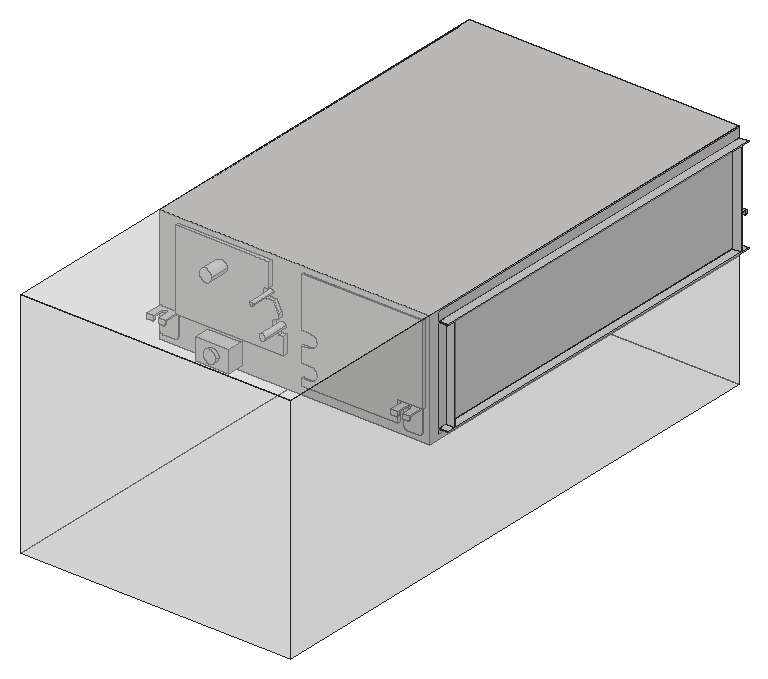
Revit family "outputfile", category 機械設備, Revit 2024
Family settings
  丸型コネクタ寸法 = 半径を使用
  パーツ タイプ = 標準
  OmniClass 番号 = 23.75.10.24.21.27.27
  OmniClass タイトル = Split System Air Conditioning Units
  作業面ベース = いいえ
  常に垂直 = はい
  ロード時にボイドで切り取り = いいえ
  注釈の向きを維持 = いいえ
  共有 = いいえ
  部屋計算ポイント = はい
Parameters (values of type "FXMQ63PBV1")
  製造元 = "Daikin"
  書き出し IFC クラス(タイプ) = "IfcUnitaryEquipmentType"
  定義済み IFC タイプ(タイプ) = "AIRCONDITIONINGUNIT"
  モデル = "FXMQ63PBV1"
  r_Liquid Pipe Size = Liquid Pipe Size / 2  # 4.75 mm
  r_Gas Pipe Size = Gas Pipe Size / 2  # 7.95 mm
  r_Drain Pipe Size = Drain Pipe Size / 2  # 16.0 mm
  lw_power = 396.0 mm  # constant formula
  lh_SA = 165.0 mm  # constant formula
  lw_SA = if(Depth = 550.0 mm, 210.0 mm, if(Depth = 700.0 mm, 285.0 mm, if(Depth = 1000.0 mm, 435.0 mm, 635.0 mm)))  # 435.0 mm
  lw_RA = if(Depth = 550.0 mm, 288.0 mm, if(Depth = 700.0 mm, 363.0 mm, if(Depth = 1000.0 mm, 513.0 mm, 713.0 mm)))  # 513.0 mm
  lh_power = 60.0 mm + [h***]  # 60.0 mm
  lh_mountinghole1 = lh_mountinghole + [h***]  # 80.0 mm
  lh_RA = 150.0 mm  # constant formula
  ld_power = Depth / 2  # 500.0 mm
  Voltage_comment_60Hz = "220-240"
  Voltage_comment_50Hz = "220-240"
  Voltage_60Hz = 220 V
  Voltage_50Hz = 220 V
  Supply Air Direction [instance] = yes
  Phase_60Hz = 1
  Phase_50Hz = 1
  Minimum External Static Pressure = 50.00 Pa
  Minimum Circuit Amps_60Hz = 1.8 A
  Minimum Circuit Amps_50Hz = 1.8 A
  Maximum Fuse Amps_60Hz = 16.0 A
  Maximum Fuse Amps_50Hz = 16.0 A
  Maximum External Static Pressure = 200.00 Pa
  Material_Casing = DAIKIN_GalvanizedSteel_Casing_indoorunit
  lw_mountinghole = 631.0 mm  # constant formula
  lh_gaspipe = 144.0 mm + [h***]  # 144.0 mm
  lh_mountinghole = 80.0 mm  # constant formula
  lh_liquidpipe = 212.0 mm + [h***]  # 212.0 mm
  lh_drainpipe = 232.0 mm + [h***]  # 232.0 mm
  lh_antena = Height - lh_mountinghole + 1.0 mm  # 221.0 mm
  ld_drainpipe = Depth / 2 + 59.0 mm  # 559.0 mm
  ld_liquidpipe = 565.0 mm
  ld_gaspipe = 565.0 mm
  ld_mountinghole = Depth + 38.0 mm  # 1038.0 mm
  h*** = 0.0 mm  # constant formula
  lw_liquidpipe = 290.0 mm  # constant formula
  lw_gaspipe = 318.0 mm  # constant formula
  lw_drainpipe = 167.0 mm  # constant formula
  Width = 700.0 mm
  Version = "ver.1.0"
  Unit Type = "Duct_M.S.P."
  Unit Mass Weight = 35.00 kg
  Unit Designation [instance] = ""
  Uniclass2015Version = "Products v1.30"
  Uniclass2015Title = "Variable refrigerant flow units"
  Uniclass2015Code = "Pr_70_65_03_94"
  Total Heating Capacity [instance] = 0.000 kW
  Total Cooling Capacity [instance] = 0.000 kW
  Sound Pressure Level_L speed (dBA) = 38
  Sound Pressure Level_H speed (dBA) = 40
  Series = "VRV Fan Coil Unit"
  Sensible Cooling Capacity [instance] = 0.000 kW
  SA Duct Size Width = if(Depth = 550.0 mm, 310.0 mm, if(Depth = 700.0 mm, 460.0 mm, if(Depth = 1000.0 mm, 760.0 mm, 1160.0 mm)))  # 760.0 mm
  SA Duct Size Height = 215.0 mm
  Refrigerant Type = "R410A"
  RA Duct Size Width = if(Depth = 550.0 mm, 475.0 mm, if(Depth = 700.0 mm, 625.0 mm, if(Depth = 1000.0 mm, 925.0 mm, 1325.0 mm)))  # 925.0 mm
  RA Duct Size Height = 247.0 mm
  Power Input (Heating) = 0.127 kW
  Power Input (Cooling) = 0.138 kW
  Option Accessory 3 [instance] = ""
  Option Accessory 2 [instance] = ""
  Option Accessory 1 [instance] = ""
  Nominal Heating Capacity = 8.000 kW
  Nominal Cooling Capacity = 7.100 kW
  Minimum Airflow = 960.00 m³/h
  Median Airflow = 0.00 m³/h
  Maximum Airflow = 1050.00 m³/h
  Load Classification = HVAC
  Liquid Pipe Size = 9.5 mm
  Link_Nested Family [instance] = ""
  IfcVersion = ""
  IfcExportType = "AIRCONDITIONINGUNIT"
  IfcExportAs = "IfcUnitaryEquipmentType"
  Height = 300.0 mm
  Heating Entering Wet Bulb Temperature [instance] = 0.00 °C
  Heating Entering Dry Bulb Temperature [instance] = 0.00 °C
  Heating Ambient Wet Bulb Temperature [instance] = 0.00 °C
  Heating Ambient Dry Bulb Temperature [instance] = 0.00 °C
  Heat Exchanger Type = "Cross Fin Coil"
  Gas Pipe Size = 15.9 mm
  Frequency_60Hz = 60 Hz
  Frequency_50Hz = 50 Hz
  Fan Type = "Sirocco Fan"
  Fan Drive = "Direct Drive"
  FCU Tag No. [instance] = ""
  Drain Pipe Size = 32.0 mm
  Design Supply Airflow [instance] = 0.00 m³/h
  Design Return Airflow [instance] = 0.00 m³/h
  Design External Static Pressure [instance] = 0.00 Pa
  Depth = 1000.0 mm
  既定の高さ = 0.0 mm
  Cooling Entering Wet Bulb Temperature [instance] = 0.00 °C
  Cooling Entering Dry Bulb Temperature [instance] = 0.00 °C
  Cooling Ambient Wet Bulb Temperature [instance] = 0.00 °C
  Cooling Ambient Dry Bulb Temperature [instance] = 0.00 °C
  Clearance visibility [instance] = yes
  Clearance Top = 0.0 mm
  Clearance Right = 0.0 mm
  Clearance Rear = 0.0 mm
  Clearance Left = 0.0 mm
  Clearance Front = 450.0 mm
  Clearance Bottom = 300.0 mm
Reference planes
  plane 1 "Center (Front/Back)": y = 0
  plane 2 "h": z = 0
  plane 3 "Center (Left/Right)": x = 0
  plane 4 "Back": y = 500
  plane 5 "Front": y = -500
  plane 6 "Left": x = -350
  plane 7 "Reight": x = 350
  plane 8 "Top": z = 0
  plane 9 "Bottom": z = -300
  plane 10: y = -215
  plane 11: y = 500
  plane 12: y = -950
  plane 13: x = -350
  plane 14: x = 350
  plane 15: z = 0
  plane 16: z = -600
  plane 17: x = -350
  plane 18: z = -135
  plane 19: x = -349
  plane 20: x = 349
  plane 21: y = 65
  plane 22: y = 13
  plane 23: z = -150
  plane 24: y = -510.8
  plane 25: z = -14
  plane 26: z = -219
  plane 27: x = -60
  plane 28: x = -20
  plane 29: z = -156
  plane 30: x = -32
  plane 31: z = -88
  plane 32: x = 23
  plane 33: x = 335
  plane 34: z = -15.8
  plane 35: z = -274.8
  plane 36: z = -219.8
  plane 37: x = 271
  plane 38: x = -223.3
  plane 39: x = -138.3
  plane 40: z = -232.7
  plane 41: z = -288.5
  plane 42: y = -541
  plane 43: x = -181
  plane 44: z = -260
  plane 45: y = -549
  plane 46: z = -163.8
  plane 47: z = -239.8
  plane 48: x = 46
  plane 49: z = -88
  plane 50: x = -60
  plane 51: y = -565
  plane 52: z = -156
  plane 53: x = -32
  plane 54: y = -559
  plane 55: z = -68
  plane 56: x = -183
  plane 57: x = -183
  plane 58: x = -60
  plane 59: x = -32
  plane 60: x = 46
  plane 61: x = -323
  plane 62: x = 308
  plane 63: y = -519
  plane 64: y = 519
  plane 65: z = -220
  plane 66: y = -506
  plane 67: x = -298.5
  plane 68: x = -374
  plane 69: x = 374
Forms (mm)
  Extrusion 1, solid, material "DAIKIN_GalvanizedSteel_Casing_indoorunit" <- "Material_Casing"
    sketch origin (0, 0, 0) x (1, 0, 0) y (0, 1, 0)
      loop
        line (-349, 500) -> (-349, -500) -> (349, -500) -> (349, 500) -> (-349, 500)
    from -300 to 0
  Extrusion 2, solid, material "DAIKIN_GalvanizedSteel_Casing_indoorunit" <- "Material_Casing"
    sketch origin (0, 0, 0) x (1, 0, 0) y (0, 0, 1)
      loop
        line (-298.5, -219) -> (-20, -219) -> (-20, -173.5) -> (-32, -173.5)
        arc (-32, -173.5) -> (-49.471, -157.002) -> (-34, -138.615) r 17.5
        line (-34, -138.615) -> (-34, -127.5) -> (-47, -101) -> (-60, -101)
        arc (-60, -101) -> (-73, -88) -> (-60, -75) r 13
        line (-60, -75) -> (-60, -14) -> (-298.5, -14) -> (-298.5, -219)
    from 500 to 510.8
  Extrusion 3, solid, material "DAIKIN_GalvanizedSteel_Casing_indoorunit" <- "Material_Casing"
    sketch origin (0, 0, 0) x (1, 0, 0) y (0, 0, 1)
      loop
        line (23, -274.8) -> (271, -274.8) -> (271, -219.8) -> (335, -219.8) -> (335, -15.8) -> (23, -15.8) -> (23, -146.3) -> (46, -146.3)
        arc (46, -146.3) -> (63.5, -163.8) -> (46, -181.3) r 17.5
        line (46, -181.3) -> (23, -181.3) -> (23, -222.3) -> (46, -222.3)
        arc (46, -222.3) -> (63.5, -239.8) -> (46, -257.3) r 17.5
        line (46, -257.3) -> (23, -257.3) -> (23, -274.8)
    from 500 to 506
  Extrusion 4, solid, material "DAIKIN_GalvanizedSteel_Casing_indoorunit" <- "Material_Casing"
    sketch origin (0, 0, 0) x (1, 0, 0) y (0, 0, 1)
      loop
        line (-223.3, -232.7) -> (-223.3, -288.5) -> (-138.3, -288.5) -> (-138.3, -232.7) -> (-223.3, -232.7)
    from 500 to 541
  Extrusion 5, solid, material "DAIKIN_GalvanizedSteel_Casing_indoorunit" <- "Material_Casing"
    sketch origin (0, 0, 0) x (1, 0, 0) y (0, 0, 1)
      loop
        circle (-181, -260) r 16.5
    from 541 to 549
  Extrusion 6, solid
    sketch origin (0, 0, 0) x (1, 0, 0) y (0, 0, 1)
      loop
        circle (-60, -88) r 4.75
    from 500 to 565
  Extrusion 7, solid
    sketch origin (0, 0, 0) x (1, 0, 0) y (0, 0, 1)
      loop
        circle (-32, -156) r 7.95
    from 500 to 565
  Extrusion 8, solid
    sketch origin (0, 0, 0) x (1, 0, 0) y (0, 0, 1)
      loop
        circle (-183, -68) r 16
    from 510.8 to 559
Dimensions and locks
  "Height": plane 8 "Top" to plane 9 "Bottom"
  equal spacing: plane 4 "Back", plane 1 "Center (Front/Back)", plane 5 "Front"
  "Depth": plane 4 "Back" to plane 5 "Front"
  equal spacing: plane 6 "Left", plane 3 "Center (Left/Right)", plane 7 "Reight"
  "Width": plane 6 "Left" to plane 7 "Reight"
  "Clearance Left": plane 13 to plane 6 "Left"
  "Clearance Right": plane 7 "Reight" to plane 14
  "Clearance Rear": plane 11 to plane 4 "Back"
  "Clearance Front": plane 5 "Front" to plane 12
  "Clearance Top": plane 15 to plane 8 "Top"
  "Clearance Bottom": plane 9 "Bottom" to plane 16
  "lh_SA": plane 18 to plane 9 "Bottom"
  locked: plane 17 to plane 19 at 1
  "lw_SA": plane 4 "Back" to plane 21
  "lw_RA": plane 22 to plane 5 "Front"
  "lh_RA": plane 23 to plane 9 "Bottom"
  locked: plane 5 "Front" to plane 24 at 10.8
  plane 30 to plane 27 to plane 6 "Left" = 28.0 mm locked, 290.0 mm locked
  plane 33 to plane 32 to plane 6 "Left" = 312.0 mm locked, 373.0 mm locked
  locked: plane 33 to plane 37 at 64
  locked: plane 36 to plane 35 at 55
  plane 39 to plane 38 to plane 6 "Left" = 85.0 mm locked, 126.7 mm locked
  locked: plane 5 "Front" to plane 42 at 41
  locked: plane 43 to plane 6 "Left" at 169
  locked: plane 42 to plane 45 at 8
  plane 46 to plane 47 to plane 35 = 76.0 mm locked, 35.0 mm locked
  locked: plane 48 to plane 32 at 23
  "lw_liquidpipe": plane 50 to plane 6 "Left"
  "lh_liquidpipe": plane 49 to plane 9 "Bottom"
  "lh_gaspipe": plane 52 to plane 9 "Bottom"
  "lw_gaspipe": plane 53 to plane 6 "Left"
  "ld_gaspipe": plane 51 to plane 1 "Center (Front/Back)"
  "ld_drainpipe": plane 54 to plane 1 "Center (Front/Back)"
  "lh_drainpipe": plane 55 to plane 9 "Bottom"
  "lw_drainpipe": plane 56 to plane 6 "Left"
  "lw_drainpipe": plane 6 "Left" to plane 57
  "lw_liquidpipe": plane 6 "Left" to plane 58
  "lw_gaspipe": plane 6 "Left" to plane 59
  "lw_power": plane 6 "Left" to plane 60
  plane 17 to plane 61 = 27.0 mm
  "lw_mountinghole": plane 61 to plane 62
  equal spacing: plane 63, plane 1 "Center (Front/Back)", plane 64
  "ld_mountinghole": plane 64 to plane 63
  "lh_mountinghole": plane 65 to plane 9 "Bottom"
  plane 8 "Top" to plane 40 to plane 41 = 232.7 mm locked, 55.8 mm locked
  locked: plane 8 "Top" to plane 44 at 260
  plane 8 "Top" to plane 25 to plane 26 = 14.0 mm locked, 205.0 mm locked
  plane 8 "Top" to plane 31 to plane 29 = 88.0 mm locked, 68.0 mm locked
  plane 8 "Top" to plane 34 to plane 35 = 15.8 mm locked, 259.0 mm locked
  locked: plane 5 "Front" to plane 66 at 6
  locked: plane 68 to plane 6 "Left" at 24
  locked: plane 7 "Reight" to plane 69 at 24
  locked: plane 67 to plane 13 at 51.5
  locked: plane 28 to plane 30 at 12
  locked: Extrusion 2 sketch curve to plane 27 at 26
  plane 5 "Front" to plane 51 = 65.0 mm
  plane 5 "Front" to plane 54 = 59.0 mm
  locked: plane 20 to plane 7 "Reight" at 1
  "r_Liquid Pipe Size": radius of Extrusion 6 sketch curve
  "r_Gas Pipe Size": radius of Extrusion 7 sketch curve
  "r_Drain Pipe Size": radius of Extrusion 8 sketch curve
  aligned and locked: level to plane 2 "h"
  aligned and locked: plane 8 "Top" to Extrusion 1
  aligned and locked: Extrusion 1 to plane 9 "Bottom"
  aligned and locked: nested 5 to plane 12
  aligned and locked: plane 13 to nested 5
  aligned and locked: plane 14 to nested 5
  aligned and locked: nested 5 to plane 13
  aligned and locked: plane 11 to nested 5
  aligned and locked: plane 15 to nested 5
  aligned and locked: plane 16 to nested 5
  aligned and locked: plane 5 "Front" to Extrusion 1 sketch curve
  aligned and locked: Extrusion 1 to plane 19
  aligned and locked: plane 20 to Extrusion 1
  aligned and locked: nested 7 to plane 19
  aligned and locked: nested 7 to plane 21
  aligned and locked: plane 18 to nested 7
  aligned and locked: plane 20 to nested 8
  aligned and locked: plane 22 to nested 8
  aligned and locked: plane 23 to nested 8
  aligned and locked: Extrusion 2 to plane 24
  aligned and locked: plane 5 "Front" to Extrusion 2
  aligned and locked: plane 35 to Extrusion 3 sketch curve
  aligned and locked: plane 37 to Extrusion 3 sketch curve
  aligned and locked: plane 36 to Extrusion 3 sketch curve
  aligned and locked: Extrusion 3 sketch curve to plane 33
  aligned and locked: Extrusion 3 sketch curve to plane 34
  aligned and locked: Extrusion 3 sketch curve to plane 32
  aligned and locked: plane 5 "Front" to Extrusion 3
  aligned and locked: Extrusion 4 sketch curve to plane 40
  aligned and locked: Extrusion 4 sketch curve to plane 38
  aligned and locked: plane 41 to Extrusion 4 sketch curve
  aligned and locked: plane 39 to Extrusion 4 sketch curve
  aligned and locked: Extrusion 4 to plane 42
  aligned and locked: plane 5 "Front" to Extrusion 4
  aligned and locked: Extrusion 5 sketch curve to plane 43
  aligned and locked: plane 44 to Extrusion 5 sketch curve
  aligned and locked: Extrusion 5 to plane 45
  aligned and locked: plane 42 to Extrusion 5
  aligned and locked: Extrusion 6 sketch curve to plane 50
  aligned and locked: plane 49 to Extrusion 6 sketch curve
  aligned and locked: Extrusion 6 to plane 51
  aligned and locked: plane 5 "Front" to Extrusion 6
  aligned and locked: Extrusion 7 sketch curve to plane 53
  aligned and locked: plane 52 to Extrusion 7 sketch curve
  aligned and locked: Extrusion 7 to Extrusion 6
  aligned and locked: plane 5 "Front" to Extrusion 7
  aligned and locked: Extrusion 8 sketch curve to plane 56
  aligned and locked: Extrusion 8 sketch curve to plane 55
  aligned and locked: Extrusion 8 to plane 54
  aligned and locked: plane 24 to Extrusion 8
  aligned and locked: nested 3 to plane 54
  aligned and locked: plane 57 to nested 3
  aligned and locked: plane 58 to nested 2
  aligned and locked: nested 2 to plane 51
  aligned and locked: nested 1 to plane 59
  aligned and locked: Extrusion 7 to plane 51
  aligned and locked: nested 1 to plane 51
  aligned and locked: nested 6 to plane 5 "Front"
  aligned and locked: nested 6 to plane 60
  aligned and locked: plane 61 to nested 10
  aligned and locked: nested 10 to plane 5 "Front"
  aligned and locked: plane 62 to nested 9
  aligned and locked: nested 9 to plane 5 "Front"
  aligned and locked: nested 11 to plane 61
  aligned and locked: plane 4 "Back" to nested 11
  aligned and locked: nested 12 to plane 62
  aligned and locked: plane 4 "Back" to nested 12
  aligned and locked: plane 65 to nested 10
  aligned and locked: plane 65 to nested 11
  aligned and locked: plane 65 to nested 9
  aligned and locked: plane 65 to nested 12
  aligned and locked: plane 61 to nested 14
  aligned and locked: nested 14 to plane 64
  aligned and locked: plane 62 to nested 13
  aligned and locked: nested 13 to plane 64
  aligned and locked: plane 62 to nested 16
  aligned and locked: plane 63 to nested 16
  aligned and locked: plane 63 to nested 15
  aligned and locked: plane 61 to nested 15
  aligned and locked: Extrusion 3 to plane 66
  aligned and locked: plane 67 to Extrusion 2 sketch curve
  aligned and locked: nested 17 to plane 21
  aligned and locked: nested 17 to plane 68
  aligned and locked: plane 18 to nested 17
  aligned and locked: plane 22 to nested 18
  aligned and locked: plane 69 to nested 18
  aligned and locked: nested 18 to plane 23
  aligned and locked: nested 4 to plane 3 "Center (Left/Right)"
  aligned and locked: plane 1 "Center (Front/Back)" to nested 4
  aligned and locked: level to plane 8 "Top"
  aligned and locked: Extrusion 2 sketch curve to plane 28
  aligned and locked: Extrusion 2 sketch curve to plane 26
Automatic sketch dimensions
  plane 6 "Left" to Extrusion 1 sketch curve = 1.0 mm
  Extrusion 1 sketch curve to plane 7 "Reight" = 1.0 mm
  Extrusion 1 sketch curve to plane 4 "Back" = 0.0 mm
  Extrusion 3 sketch curve to plane 32 = 0.0 mm  (x2)
  Extrusion 3 sketch curve to plane 46 = 0.0 mm
  Extrusion 3 sketch curve to plane 48 = 0.0 mm  (x2)
  Extrusion 3 sketch curve to plane 47 = 0.0 mm
  Extrusion 3 sketch curve to plane 36 = 2.5 mm
  plane 23 to Extrusion 3 sketch curve = 3.7 mm
  Extrusion 2 sketch curve to plane 25 = 0.0 mm
  plane 27 to Extrusion 2 sketch curve = 0.0 mm
  Extrusion 2 sketch curve to plane 30 = 0.0 mm
  Extrusion 2 sketch curve to plane 29 = 0.0 mm
  Extrusion 2 sketch curve to plane 31 = 0.0 mm
  Extrusion 2 sketch curve to Extrusion 2 sketch curve = 13.0 mm
  Extrusion 2 sketch curve to plane 29 = 17.5 mm
  Extrusion 2 sketch curve to plane 31 = 13.0 mm
  plane 18 to Extrusion 2 sketch curve = 7.5 mm
  radius of Extrusion 5 sketch curve = 16.5 mm
Nested families
  nested 1: "daikin_connector_rotate2" at (-32, 0, -156), length <- "ld_gaspipe", built-in parameter 1001364 <- "lh_gaspipe", radius <- "r_Gas Pipe Size", type "daikin_connector_rotate2"
    with radius 7.95 mm, length 565.0 mm, angle_vertical 90.00°
  nested 2: "daikin_connector_rotate2" at (-60, 0, -88), length <- "ld_liquidpipe", built-in parameter 1001364 <- "lh_liquidpipe", radius <- "r_Liquid Pipe Size", type "daikin_connector_rotate2"
    with radius 4.75 mm, length 565.0 mm, angle_vertical 90.00°
  nested 3: "daikin_connector_rotate2" at (-183, 0, -68), length <- "ld_drainpipe", built-in parameter 1001364 <- "lh_drainpipe", radius <- "r_Drain Pipe Size", type "daikin_connector_rotate2"
    with radius 16.0 mm, length 559.0 mm, angle_vertical 90.00°
  nested 4: "daikin_△_symbolicline" at (0, 0, 300) x (0, -1, 0) z (0, 0, 1), built-in parameter 1001364 <- "Height", visible <- "Supply Air Direction", type "daikin_△_symbolicline"
    with length 200.0 mm
  nested 5: "daikin_clearancespace" at (0, -225, -299.881), visible <- "Clearance visibility", show <- "Clearance visibility", Link_Nested Family <- "Link_Nested Family", type "daikin_clearancespace"
    with width 700.0 mm, show yes, height 600.0 mm, depth 1450.0 mm, Link_Nested Family ""
  nested 6: "daikin_connector_rotate2" at (46, 0, -240), built-in parameter 1001364 <- "lh_power", length <- "ld_power", type "daikin_connector_rotate2"
    with radius 10.0 mm, length 500.0 mm, angle_vertical 90.00°
  nested 7: "daikin_ductflange_FXMQ-PBV1_2" at (-349, 65, -135) x (0, -1, 0) z (0, 0, 1), type "daikin_ductflange_FXMQ-PBV1_2"
    with width 760.0 mm, w 1000.0 mm
  nested 8: "daikin_ductflange_FXMQ-PBV1_1" at (349, 13, -150) x (0, 1, 0) z (0, 0, 1), type "daikin_ductflange_FXMQ-PBV1_1"
    with width 925.0 mm, w 1000.0 mm
  nested 9: "daikin_hangerfixture_FXMQ-PBV1" at (308, -500, -220), type "daikin_hangerfixture_FXMQ-PBV1"
  nested 10: "daikin_hangerfixture_FXMQ-PBV1" at (-323, -500, -220), type "daikin_hangerfixture_FXMQ-PBV1"
  nested 11: "daikin_hangerfixture_FXMQ-PBV1" at (-323, 500, -220) x (-1, 0, 0) z (0, 0, 1), type "daikin_hangerfixture_FXMQ-PBV1"
  nested 12: "daikin_hangerfixture_FXMQ-PBV1" at (308, 500, -220) x (-1, 0, 0) z (0, 0, 1), type "daikin_hangerfixture_FXMQ-PBV1"
  nested 13: "daikin_mountinghole" at (308, 519, -300), h_mountinghole <- "lh_mountinghole1", l_antenna <- "lh_antena", Link_Nested Family <- "Link_Nested Family", type "daikin_mountinghole"
    with show yes, l_antenna 221.0 mm, h_mountinghole 80.0 mm, Link_Nested Family ""
  nested 14: "daikin_mountinghole" at (-323, 519, -300), h_mountinghole <- "lh_mountinghole1", l_antenna <- "lh_antena", Link_Nested Family <- "Link_Nested Family", type "daikin_mountinghole"
    with show yes, l_antenna 221.0 mm, h_mountinghole 80.0 mm, Link_Nested Family ""
  nested 15: "daikin_mountinghole" at (-323, -519, -300), h_mountinghole <- "lh_mountinghole1", l_antenna <- "lh_antena", Link_Nested Family <- "Link_Nested Family", type "daikin_mountinghole"
    with show yes, l_antenna 221.0 mm, h_mountinghole 80.0 mm, Link_Nested Family ""
  nested 16: "daikin_mountinghole" at (308, -519, -300), h_mountinghole <- "lh_mountinghole1", l_antenna <- "lh_antena", Link_Nested Family <- "Link_Nested Family", type "daikin_mountinghole"
    with show yes, l_antenna 221.0 mm, h_mountinghole 80.0 mm, Link_Nested Family ""
  nested 17: "daikin_connector_rotate2" at (-350, 65, -135) x (0, -1, 0) z (0, 0, 1), type "daikin_connector_rotate2"
    with radius 10.0 mm, length 24.0 mm, angle_vertical 90.00°
  nested 18: "daikin_connector_rotate2" at (350, 13, -150) x (0, 1, 0) z (0, 0, 1), type "daikin_connector_rotate2"
    with radius 10.0 mm, length 24.0 mm, angle_vertical 90.00°
Connectors
  piping at (-183, -559, -68), diameter 32, driven by "r_Drain Pipe Size"
    settings: on nested 3, index 3, connector inside diameter 609.6 mm, connector length 0.0 mm, flow factor 0, pipe flow 0.00 m³/h, pressure drop 0.0 Pa, fitting loss kfactor 0, connector angle 0.00°, fixture units 0, engagement length 0.0 mm, angle of deflection 0.00°, flow configuration 1, flow direction 2, fitting loss method 4, system type 16, joint type 0, gender type 0, connector reference index -1, connector utility 0, adjustable connector no, is connector primary yes, connector description "Condensate Drain Piping"
  piping at (-32, -565, -156), diameter 15.9, driven by "r_Gas Pipe Size"
    settings: on nested 1, index 4, connector inside diameter 609.6 mm, connector length 0.0 mm, flow factor 0, pipe flow 0.00 m³/h, pressure drop 0.0 Pa, fitting loss kfactor 0, connector angle 0.00°, fixture units 0, engagement length 0.0 mm, angle of deflection 0.00°, flow configuration 1, flow direction 2, fitting loss method 0, system type 29, joint type 0, gender type 0, connector reference index -1, connector utility 0, adjustable connector no, is connector primary no, connector description "Refrigerant Gas Piping"
  piping at (-60, -565, -88), diameter 9.5, driven by "r_Liquid Pipe Size"
    settings: on nested 2, index 5, connector inside diameter 609.6 mm, connector length 0.0 mm, flow factor 0, pipe flow 0.00 m³/h, pressure drop 0.0 Pa, fitting loss kfactor 0, connector angle 0.00°, fixture units 0, engagement length 0.0 mm, angle of deflection 0.00°, flow configuration 1, flow direction 1, fitting loss method 0, system type 29, joint type 0, gender type 0, connector reference index -1, connector utility 0, adjustable connector no, is connector primary no, connector description "Refrigerant Liquid Piping"
  electrical at (46, -500, -240), driven by "Load Classification"
    settings: on nested 6, index 6, voltage 0 V, apparent load 0 VA, apparent load phase1 0 VA, apparent load phase2 0 VA, apparent load phase3 0 VA, power factor 1, load classification "HVAC", number of poles 1, system type 30, power factor state 1, is connector primary yes, connector utility no, sub classification motor no, connector description "Power Supply"
  hvac at (-374, 65, -135), driven by "SA Duct Size Height", driven by "SA Duct Size Width"
    settings: on nested 17, index 7, duct flow 0.00 m³/h, flow factor 0, pres drop 0.00 Pa, loss coef 0, conn angle 0.00°, conn width 760.0 mm, conn height 215.0 mm, conn diameter 609.6 mm, duct sys type 1, conn prof type 1, flow config 0, flow direction 2, loss method 4, conn ref index -1, conn util no, is conn primary yes, conn desc "SA Duct"
  hvac at (374, 13, -150), driven by "RA Duct Size Height", driven by "RA Duct Size Width"
    settings: on nested 18, index 8, duct flow 0.00 m³/h, flow factor 0, pres drop 0.00 Pa, loss coef 0, conn angle 0.00°, conn width 925.0 mm, conn height 247.0 mm, conn diameter 609.6 mm, duct sys type 2, conn prof type 1, flow config 0, flow direction 1, loss method 4, conn ref index -1, conn util no, is conn primary no, conn desc "RA Duct"
Definition of nested family "daikin_clearancespace"
  Parameters (values of type "daikin_clearancespace")
    Description = "daikin_clearancespace"
    width [instance] = 1823.963 mm
    show [instance] = yes
    material = none
    height [instance] = 1359.762 mm
    depth [instance] = 880.0 mm
    Default Elevation = 0.0 mm
    Link_Nested Family [instance] = ""
  Reference planes
    plane 1 "Center (Front/Back)": y = 0
    plane 2 "Center (Elevation)": z = -0.119
    plane 3 "Center (Left/Right)": x = 0
    plane 4: y = 440
    plane 5: y = -440
    plane 6 "Right": x = 911.982
    plane 7 "Left": x = -911.982
    plane 8 "Top": z = 679.762
    plane 9 "Bottom": z = -680
  Forms (mm)
    Extrusion 1, solid, material <- "material", visible <- "show"
      sketch origin (0, 0, 0) x (1, 0, 0) y (0, 1, 0)
        loop
          line (-911.982, 440) -> (-911.982, -440) -> (911.982, -440) -> (911.982, 440) -> (-911.982, 440)
      from -680 to 679.762
  Lines and regions (mm)
    symbolic lines, visible <- "show"
      curve 1: line (911.982, 440, 0) -> (-911.982, 440, 0)
      curve 2: line (-911.982, 440, 0) -> (-911.982, -440, 0)
      curve 3: line (-911.982, -440, 0) -> (911.982, -440, 0)
      curve 4: line (911.982, -440, 0) -> (911.982, 440, 0)
      curve 5: line (911.982, 0, 679.762) -> (-911.982, 0, 679.762)
      curve 6: line (911.982, 0, -680) -> (911.982, 0, 679.762)
      curve 7: line (-911.982, 0, -680) -> (911.982, 0, -680)
      curve 8: line (-911.982, 0, 679.762) -> (-911.982, 0, -680)
      curve 9: line (0, 440, 679.762) -> (0, -440, 679.762)
      curve 10: line (0, -440, 679.762) -> (0, -440, -680)
      curve 11: line (0, 440, -680) -> (0, 440, 679.762)
      curve 12: line (0, -440, -680) -> (0, 440, -680)
  Dimensions and locks
    "width": plane 7 "Left" to plane 6 "Right"
    "depth": plane 4 to plane 5
    "height": plane 8 "Top" to plane 9 "Bottom"
    equal spacing: plane 7 "Left", plane 3 "Center (Left/Right)", plane 6 "Right"
    equal spacing: plane 4, plane 1 "Center (Front/Back)", plane 5
    equal spacing: plane 8 "Top", plane 2 "Center (Elevation)", plane 9 "Bottom"
    aligned and locked: level to plane 2 "Center (Elevation)"
    aligned and locked: Extrusion 1 sketch curve to plane 4
    aligned and locked: plane 7 "Left" to Extrusion 1 sketch curve
    aligned and locked: Extrusion 1 sketch curve to plane 5
    aligned and locked: Extrusion 1 sketch curve to plane 6 "Right"
    aligned and locked: plane 8 "Top" to Extrusion 1
    aligned and locked: curve 1 to Extrusion 1
    aligned and locked: curve 2 to Extrusion 1
    aligned and locked: curve 3 to Extrusion 1
    aligned and locked: curve 4 to Extrusion 1
    aligned and locked: curve 5 to Extrusion 1
    aligned and locked: curve 6 to Extrusion 1
    aligned and locked: curve 7 to Extrusion 1
    aligned and locked: curve 8 to Extrusion 1
    aligned and locked: curve 9 to Extrusion 1
    aligned and locked: curve 10 to Extrusion 1
    aligned and locked: curve 11 to Extrusion 1
    aligned and locked: curve 12 to Extrusion 1
    aligned and locked: Extrusion 1 to plane 9 "Bottom"
Definition of nested family "daikin_ductflange_FXMQ-PBV1_2"
  Parameters (values of type "daikin_ductflange_FXDSQ-AVM2")
    width = if(w = 550.0 mm, 310.0 mm, if(w = 700.0 mm, 460.0 mm, if(w = 1000.0 mm, 760.0 mm, 1160.0 mm)))  # 310.0 mm
    material = none
    height = 215.0 mm
    depth = 1.0 mm
    w = 550.0 mm
    Default Elevation = 0.0 mm
  Reference planes
    plane 1 "Center (Front/Back)": y = 0
    plane 2: z = 0
    plane 3 "Center (Left/Right)": x = 0
    plane 4: z = 107.5
    plane 5: z = -107.5
    plane 6: y = -25
    plane 7: z = 132.5
    plane 8: z = 108.5
    plane 9: y = -1
    plane 10: x = -177.5
    plane 11: x = 177.5
    plane 12: z = -132.5
    plane 13: z = -108.5
    plane 14: y = -1
    plane 15: x = 155
    plane 16: x = -155
    plane 17: x = 156
    plane 18: z = 106.5
    plane 19: z = -106.5
    plane 20: x = -156
    plane 21: z = 106.5
    plane 22: z = -106.5
    plane 23: y = -1
  Forms (mm)
    Extrusion 1, solid, material <- "material"
      sketch origin (0, 0, 0) x (0, 1, 0) y (0, 0, 1)
        loop
          line (-25, 107.5) -> (0, 107.5) -> (0, 132.5) -> (-1, 132.5) -> (-1, 108.5) -> (-25, 108.5) -> (-25, 107.5)
      from -177.5 to 177.5
    Extrusion 2, solid, material <- "material"
      sketch origin (0, 0, 0) x (0, 1, 0) y (0, 0, 1)
        loop
          line (-25, -107.5) -> (-25, -108.5) -> (-1, -108.5) -> (-1, -132.5) -> (0, -132.5) -> (0, -107.5) -> (-25, -107.5)
      from -177.5 to 177.5
    Extrusion 3, solid, material <- "material"
      sketch origin (0, 0, 0) x (1, 0, 0) y (0, 0, 1)
        loop
          line (155, 107.5) -> (155, -107.5) -> (177.5, -107.5) -> (177.5, -106.5) -> (156, -106.5) -> (156, 106.5) -> (177.5, 106.5) -> (177.5, 107.5) -> (155, 107.5)
      from 0 to 25
    Extrusion 4, solid, material <- "material"
      sketch origin (0, 0, 0) x (1, 0, 0) y (0, 0, 1)
        loop
          line (-177.5, 107.5) -> (-177.5, 106.5) -> (-156, 106.5) -> (-156, -106.5) -> (-177.5, -106.5) -> (-177.5, -107.5) -> (-155, -107.5) -> (-155, 107.5) -> (-177.5, 107.5)
      from 0 to 25
    Extrusion 5, solid, material <- "material"
      sketch origin (0, 0, 0) x (1, 0, 0) y (0, 0, 1)
        loop
          line (-177.5, 107.5) -> (-177.5, -107.5) -> (-155, -107.5) -> (-155, 107.5) -> (-177.5, 107.5)
        loop
          line (177.5, 107.5) -> (155, 107.5) -> (155, -107.5) -> (177.5, -107.5) -> (177.5, 107.5)
      from 0 to 1
  Cuts and joins
    joined: Extrusion 1, Extrusion 2, Extrusion 3, Extrusion 4, Extrusion 5
  Dimensions and locks
    plane 4 to level to plane 5 = 107.5 mm locked, 107.5 mm locked
    locked: plane 6 to plane 1 "Center (Front/Back)" at 25
    locked: plane 9 to plane 1 "Center (Front/Back)" at 1
    locked: plane 8 to plane 4 at 1
    locked: plane 11 to plane 15 at 22.5
    locked: plane 16 to plane 10 at 22.5
    locked: plane 17 to plane 15 at 1
    locked: plane 4 to plane 18 at 1
    locked: plane 19 to plane 5 at 1
    "width": plane 15 to plane 16
    plane 4 to plane 5 = 215.0 mm
    equal spacing: plane 15, plane 3 "Center (Left/Right)", plane 16
    locked: plane 16 to plane 20 at 1
    locked: plane 4 to plane 21 at 1
    locked: plane 22 to plane 5 at 1
    locked: plane 23 to plane 1 "Center (Front/Back)" at 1
    aligned and locked: level to plane 2
    aligned and locked: Extrusion 1 to plane 10
    aligned and locked: plane 11 to Extrusion 1
    aligned and locked: plane 5 to Extrusion 2
    aligned and locked: Extrusion 2 to plane 1 "Center (Front/Back)"
    aligned and locked: plane 15 to Extrusion 3 sketch curve
    aligned and locked: Extrusion 3 sketch curve to Extrusion 2  (x2)
    aligned and locked: Extrusion 3 sketch curve to plane 11
    aligned and locked: plane 6 to Extrusion 3
    aligned and locked: Extrusion 2 to plane 10
    aligned and locked: plane 11 to Extrusion 2
    aligned and locked: Extrusion 4 sketch curve to Extrusion 1  (x2)
    aligned and locked: plane 5 to Extrusion 4 sketch curve
    aligned and locked: Extrusion 4 sketch curve to plane 16
    aligned and locked: Extrusion 4 sketch curve to plane 22
    aligned and locked: plane 20 to Extrusion 4 sketch curve
    aligned and locked: plane 21 to Extrusion 4 sketch curve
    aligned and locked: Extrusion 4 to plane 1 "Center (Front/Back)"
    aligned and locked: plane 6 to Extrusion 4
    aligned and locked: Extrusion 5 sketch curve to Extrusion 1  (x4)
    aligned and locked: Extrusion 5 sketch curve to Extrusion 4  (x2)
    aligned and locked: Extrusion 5 sketch curve to Extrusion 3  (x2)
    aligned and locked: Extrusion 5 to plane 1 "Center (Front/Back)"
    aligned and locked: plane 23 to Extrusion 5
  Automatic sketch dimensions
    Extrusion 1 sketch curve to plane 6 = 0.0 mm
    Extrusion 1 sketch curve to plane 7 = 0.0 mm
    Extrusion 1 sketch curve to plane 9 = 0.0 mm
    Extrusion 1 sketch curve to plane 1 "Center (Front/Back)" = 0.0 mm
    Extrusion 1 sketch curve to plane 4 = 0.0 mm
    Extrusion 1 sketch curve to plane 8 = 0.0 mm
    Extrusion 2 sketch curve to plane 6 = 0.0 mm
    plane 12 to Extrusion 2 sketch curve = 0.0 mm
    Extrusion 2 sketch curve to plane 14 = 0.0 mm
    Extrusion 2 sketch curve to plane 1 "Center (Front/Back)" = 0.0 mm
    plane 13 to Extrusion 2 sketch curve = 0.0 mm
    Extrusion 2 sketch curve to plane 5 = 0.0 mm
    Extrusion 3 sketch curve to plane 17 = 0.0 mm
    Extrusion 3 sketch curve to plane 19 = 0.0 mm
    Extrusion 3 sketch curve to plane 18 = 0.0 mm
    Extrusion 3 sketch curve to plane 4 = 0.0 mm
    Extrusion 4 sketch curve to plane 10 = 0.0 mm
Definition of nested family "daikin_ductflange_FXMQ-PBV1_1"
  Parameters (values of type "daikin_ductflange_FXDSQ-AVM")
    width = if(w = 550.0 mm, 475.0 mm, if(w = 700.0 mm, 625.0 mm, if(w = 1000.0 mm, 925.0 mm, 1325.0 mm)))  # 475.0 mm
    material = none
    height = 247.0 mm
    depth = 1.0 mm
    w = 550.0 mm
    Default Elevation = 0.0 mm
  Reference planes
    plane 1 "Center (Front/Back)": y = 0
    plane 2: z = 0
    plane 3 "Center (Left/Right)": x = 0
    plane 4: z = 123.5
    plane 5: z = -123.5
    plane 6: y = -25
    plane 7: z = 146.5
    plane 8: z = 124.5
    plane 9: y = -1
    plane 10: x = -260
    plane 11: x = 260
    plane 12: z = -137
    plane 13: z = -124.5
    plane 14: y = -1
    plane 15: x = 237.5
    plane 16: x = -237.5
    plane 17: x = 238.5
    plane 18: z = 122.5
    plane 19: z = -122.5
    plane 20: x = -238.5
    plane 21: z = 122.5
    plane 22: z = -122.5
    plane 23: y = -1
  Forms (mm)
    Extrusion 1, solid, material <- "material"
      sketch origin (0, 0, 0) x (0, 1, 0) y (0, 0, 1)
        loop
          line (-25, 123.5) -> (0, 123.5) -> (0, 146.5) -> (-1, 146.5) -> (-1, 124.5) -> (-25, 124.5) -> (-25, 123.5)
      from -260 to 260
    Extrusion 2, solid, material <- "material"
      sketch origin (0, 0, 0) x (0, 1, 0) y (0, 0, 1)
        loop
          line (-25, -123.5) -> (-25, -124.5) -> (-1, -124.5) -> (-1, -137) -> (0, -137) -> (0, -123.5) -> (-25, -123.5)
      from -260 to 260
    Extrusion 3, solid, material <- "material"
      sketch origin (0, 0, 0) x (1, 0, 0) y (0, 0, 1)
        loop
          line (237.5, 123.5) -> (237.5, -123.5) -> (260, -123.5) -> (260, -122.5) -> (238.5, -122.5) -> (238.5, 122.5) -> (260, 122.5) -> (260, 123.5) -> (237.5, 123.5)
      from 0 to 25
    Extrusion 4, solid, material <- "material"
      sketch origin (0, 0, 0) x (1, 0, 0) y (0, 0, 1)
        loop
          line (-260, 123.5) -> (-260, 122.5) -> (-238.5, 122.5) -> (-238.5, -122.5) -> (-260, -122.5) -> (-260, -123.5) -> (-237.5, -123.5) -> (-237.5, 123.5) -> (-260, 123.5)
      from 0 to 25
    Extrusion 5, solid, material <- "material"
      sketch origin (0, 0, 0) x (1, 0, 0) y (0, 0, 1)
        loop
          line (-260, 123.5) -> (-260, -123.5) -> (-237.5, -123.5) -> (-237.5, 123.5) -> (-260, 123.5)
        loop
          line (260, 123.5) -> (237.5, 123.5) -> (237.5, -123.5) -> (260, -123.5) -> (260, 123.5)
      from 0 to 1
  Cuts and joins
    joined: Extrusion 1, Extrusion 2, Extrusion 3, Extrusion 4, Extrusion 5
  Dimensions and locks
    plane 4 to level to plane 5 = 123.5 mm, 123.5 mm
    locked: plane 6 to plane 1 "Center (Front/Back)" at 25
    locked: plane 9 to plane 1 "Center (Front/Back)" at 1
    locked: plane 8 to plane 4 at 1
    locked: plane 11 to plane 15 at 22.5
    locked: plane 16 to plane 10 at 22.5
    locked: plane 17 to plane 15 at 1
    locked: plane 4 to plane 18 at 1
    locked: plane 19 to plane 5 at 1
    "width": plane 15 to plane 16
    equal spacing: plane 15, plane 3 "Center (Left/Right)", plane 16
    locked: plane 16 to plane 20 at 1
    locked: plane 4 to plane 21 at 1
    locked: plane 22 to plane 5 at 1
    locked: plane 23 to plane 1 "Center (Front/Back)" at 1
    equal spacing: plane 4, level, plane 5
    locked: plane 7 to plane 4 at 23
    locked: plane 5 to plane 12 at 13.5
    locked: plane 1 "Center (Front/Back)" to plane 14 at 1
    locked: plane 5 to plane 13 at 1
    locked: plane 4 to plane 5 at 247
    aligned and locked: level to plane 2
    aligned and locked: Extrusion 1 to plane 10
    aligned and locked: plane 11 to Extrusion 1
    aligned and locked: plane 5 to Extrusion 2
    aligned and locked: Extrusion 2 to plane 1 "Center (Front/Back)"
    aligned and locked: plane 15 to Extrusion 3 sketch curve
    aligned and locked: Extrusion 3 sketch curve to Extrusion 2  (x2)
    aligned and locked: Extrusion 3 sketch curve to plane 11
    aligned and locked: plane 6 to Extrusion 3
    aligned and locked: Extrusion 2 to plane 10
    aligned and locked: plane 11 to Extrusion 2
    aligned and locked: Extrusion 4 sketch curve to Extrusion 1  (x2)
    aligned and locked: plane 5 to Extrusion 4 sketch curve
    aligned and locked: Extrusion 4 sketch curve to plane 16
    aligned and locked: Extrusion 4 sketch curve to plane 22
    aligned and locked: plane 20 to Extrusion 4 sketch curve
    aligned and locked: plane 21 to Extrusion 4 sketch curve
    aligned and locked: Extrusion 4 to plane 1 "Center (Front/Back)"
    aligned and locked: plane 6 to Extrusion 4
    aligned and locked: Extrusion 5 sketch curve to Extrusion 1  (x4)
    aligned and locked: Extrusion 5 sketch curve to Extrusion 4  (x2)
    aligned and locked: Extrusion 5 sketch curve to Extrusion 3  (x2)
    aligned and locked: Extrusion 5 to plane 1 "Center (Front/Back)"
    aligned and locked: plane 23 to Extrusion 5
  Automatic sketch dimensions
    Extrusion 1 sketch curve to plane 6 = 0.0 mm
    Extrusion 1 sketch curve to plane 7 = 0.0 mm
    Extrusion 1 sketch curve to plane 9 = 0.0 mm
    Extrusion 1 sketch curve to plane 1 "Center (Front/Back)" = 0.0 mm
    Extrusion 1 sketch curve to plane 4 = 0.0 mm
    Extrusion 1 sketch curve to plane 8 = 0.0 mm
    Extrusion 2 sketch curve to plane 6 = 0.0 mm
    plane 12 to Extrusion 2 sketch curve = 0.0 mm
    Extrusion 2 sketch curve to plane 14 = 0.0 mm
    Extrusion 2 sketch curve to plane 1 "Center (Front/Back)" = 0.0 mm
    plane 13 to Extrusion 2 sketch curve = 0.0 mm
    Extrusion 2 sketch curve to plane 5 = 0.0 mm
    Extrusion 3 sketch curve to plane 17 = 0.0 mm
    Extrusion 3 sketch curve to plane 19 = 0.0 mm
    Extrusion 3 sketch curve to plane 18 = 0.0 mm
    Extrusion 3 sketch curve to plane 4 = 0.0 mm
    Extrusion 4 sketch curve to plane 10 = 0.0 mm
Definition of nested family "daikin_hangerfixture_FXMQ-PBV1"
  Parameters (values of type "daikin_hangerfixture_FXMQ-PAVE")
    width = 48.0 mm
    material = none
    height = 65.0 mm
    depth = 45.0 mm
    Default Elevation = 0.0 mm
  Reference planes
    plane 1 "Center (Front/Back)": y = 0
    plane 2: z = 0
    plane 3 "Center (Left/Right)": x = 0
    plane 4: y = 417.146
    plane 5: y = -45
    plane 6: x = -24
    plane 7: x = 24
    plane 8: z = -2.3
    plane 9: z = -65
    plane 10: y = -2.3
    plane 11: z = -12
    plane 12: y = -42.7
  Forms (mm)
    Extrusion 1, solid, material <- "material"
      sketch origin (0, 0, 0) x (1, 0, 0) y (0, 1, 0)
        loop
          line (24, 0) -> (-24, 0) -> (-24, -45) -> (-6, -45) -> (-6, -19)
          arc (-6, -19) -> (0, -13) -> (6, -19) r 6
          line (6, -19) -> (6, -45) -> (24, -45) -> (24, 0)
      from 0 to -2.3
    Extrusion 2, solid, material <- "material"
      sketch origin (0, 0, 0) x (1, 0, 0) y (0, 0, 1)
        loop
          line (24, -55) -> (24, 0) -> (-24, 0) -> (-24, -55)
          arc (-24, -55) -> (-21.071, -62.071) -> (-14, -65) r 10
          line (-14, -65) -> (14, -65)
          arc (14, -65) -> (21.071, -62.071) -> (24, -55) r 10
      from 0 to 2.3
    Extrusion 3, solid, material <- "material"
      sketch origin (0, 0, 0) x (1, 0, 0) y (0, 0, 1)
        loop
          line (-6, -9) -> (-6, 0) -> (-24, 0) -> (-24, -9)
          arc (-24, -9) -> (-23.121, -11.121) -> (-21, -12) r 3
          line (-21, -12) -> (-9, -12)
          arc (-9, -12) -> (-6.879, -11.121) -> (-6, -9) r 3
        loop
          line (6, 0) -> (6, -9)
          arc (6, -9) -> (6.879, -11.121) -> (9, -12) r 3
          line (9, -12) -> (21, -12)
          arc (21, -12) -> (23.121, -11.121) -> (24, -9) r 3
          line (24, -9) -> (24, 0) -> (6, 0)
      from 42.7 to 45
  Cuts and joins
    joined: Extrusion 1, Extrusion 2, Extrusion 3
  Dimensions and locks
    "width": plane 6 to plane 7
    "depth": plane 5 to plane 1 "Center (Front/Back)"
    plane 2 to plane 8 = 2.3 mm
    "height": plane 2 to plane 9
    locked: plane 10 to plane 1 "Center (Front/Back)" at 2.3
    locked: plane 2 to plane 11 at 12
    locked: plane 12 to plane 5 at 2.3
    aligned and locked: level to plane 2
    aligned and locked: Extrusion 1 sketch curve to plane 1 "Center (Front/Back)"
    aligned and locked: plane 7 to Extrusion 1
    aligned and locked: Extrusion 1 to plane 6
    aligned and locked: Extrusion 1 to plane 5  (x2)
    aligned and locked: Extrusion 1 to plane 8
    aligned and locked: plane 2 to Extrusion 1
    aligned and locked: plane 2 to Extrusion 2 sketch curve
    aligned and locked: Extrusion 2 to plane 9
    aligned and locked: Extrusion 2 to plane 10
    aligned and locked: Extrusion 2 to plane 1 "Center (Front/Back)"
    aligned and locked: plane 2 to Extrusion 3 sketch curve  (x2)
    aligned and locked: Extrusion 3 to plane 11  (x2)
    aligned and locked: plane 12 to Extrusion 3
    aligned and locked: Extrusion 3 to plane 5
  Automatic sketch dimensions
    Extrusion 1 sketch curve to plane 6 = 0.0 mm
    Extrusion 1 sketch curve to plane 5 = 0.0 mm  (x2)
    Extrusion 1 sketch curve to plane 3 "Center (Left/Right)" = 0.0 mm
    Extrusion 1 sketch curve to plane 7 = 0.0 mm
    Extrusion 1 sketch curve to plane 3 "Center (Left/Right)" = 6.0 mm
    plane 1 "Center (Front/Back)" to Extrusion 1 sketch curve = 19.0 mm
    Extrusion 2 sketch curve to plane 7 = 0.0 mm
    Extrusion 2 sketch curve to plane 7 = 10.0 mm
    Extrusion 2 sketch curve to plane 8 = 52.7 mm
    plane 6 to Extrusion 2 sketch curve = 10.0 mm
    Extrusion 2 sketch curve to plane 6 = 0.0 mm
    Extrusion 3 sketch curve to plane 6 = 0.0 mm
    Extrusion 3 sketch curve to plane 7 = 0.0 mm
    Extrusion 3 sketch curve to Extrusion 3 sketch curve = 3.0 mm  (x2)
    Extrusion 3 sketch curve to plane 8 = 6.7 mm
    Extrusion 3 sketch curve to plane 3 "Center (Left/Right)" = 9.0 mm
    Extrusion 3 sketch curve to plane 3 "Center (Left/Right)" = 6.0 mm
    plane 3 "Center (Left/Right)" to Extrusion 3 sketch curve = 6.0 mm
    Extrusion 3 sketch curve to plane 7 = 3.0 mm
    Extrusion 3 sketch curve to plane 8 = 9.7 mm
Definition of nested family "daikin_connector_rotate2"
  Parameters (values of type "daikin_connector_rotate2")
    Default Elevation = 1219.2 mm
    show_face = no
    radius [instance] = 10.0 mm
    length [instance] = 600.0 mm
    d_surface = 10.0 mm
    angle_vertical [instance] = 90.00°
  Reference planes
    plane 1 "Center (Front/Back)": y = 0
    plane 2: z = 0
    plane 3 "Center (Left/Right)": x = 0
  Forms (mm)
    Extrusion 1, solid, visible <- "show_face"
      sketch origin (0, -600, 0) x (1, 0, 0) y (0, 0, 1)
        loop
          circle (0, 0) r 10
      from 0 to -10
  Lines and regions (mm)
    reference lines
      curve 1: line (0, 0, 0) -> (0, -600, 0)
    symbolic lines
      curve 2: circle (0, 0, 0) r 5 normal (0, 0, 1)
    model lines, visible <- "show_face"
      curve 3: line (0, 0, 0) -> (0, -600, 0)
  Dimensions and locks
    "length": curve 1 to curve 1
    "length": curve 3 to curve 3
    "d_surface": Extrusion 1 to Extrusion 1
    "radius": radius of Extrusion 1 sketch curve
    "angle_vertical": angle curve 1 to plane 1 "Center (Front/Back)"
    "angle_vertical": angle curve 3 to plane 1 "Center (Front/Back)"
    aligned and locked: level to plane 2
    aligned and locked: plane 1 "Center (Front/Back)" to curve 1
    aligned and locked: plane 2 to curve 1
    aligned and locked: plane 1 "Center (Front/Back)" to curve 2
    aligned and locked: plane 3 "Center (Left/Right)" to curve 2
    aligned and locked: plane 1 "Center (Front/Back)" to curve 3
    aligned and locked: plane 2 to curve 3
    aligned and locked: Extrusion 1 to Extrusion 1
  Automatic sketch dimensions
    Extrusion 1 sketch curve to level = 0.0 mm
    Extrusion 1 sketch curve to plane 3 "Center (Left/Right)" = 0.0 mm
    radius of curve 2 = 5.0 mm
Definition of nested family "daikin_△_symbolicline"
  Parameters (values of type "daikin_△_symbolicline")
    length [instance] = 200.0 mm
    Default Elevation = 0.0 mm
  Reference planes
    plane 1 "Center (Front/Back)": y = 0
    plane 2: z = 0
    plane 3 "Center (Left/Right)": x = 0
  Lines and regions (mm)
    symbolic lines
      curve 1: line (0, -173.205, 0) -> (100, 0, 0)
      curve 2: line (100, 0, 0) -> (-100, 0, 0)
      curve 3: line (-100, 0, 0) -> (0, -173.205, 0)
  Dimensions and locks
    equal spacing: curve 3, plane 3 "Center (Left/Right)", curve 2
    "length": curve 3 to curve 2
    "length": curve 3 to curve 3
    "length": curve 1 to curve 1
    aligned and locked: level to plane 2
    aligned and locked: curve 2 to plane 1 "Center (Front/Back)"
    aligned and locked: plane 3 "Center (Left/Right)" to curve 3
Definition of nested family "daikin_mountinghole"
  Parameters (values of type "daikin_mountinghole")
    Default Elevation = 1219.2 mm
    Type Comments = "mountinghole"
    show [instance] = yes
    material = none
    l_centerline = 100.0 mm
    l_antenna [instance] = 100.0 mm
    h_mountinghole [instance] = 0.0 mm
    d_circle = 30.0 mm
    Link_Nested Family [instance] = ""
  Reference planes
    plane 1 "Center (Front/Back)": y = 0
    plane 2: z = 0
    plane 3 "Center (Left/Right)": x = 0
    plane 4: y = 50
    plane 5: x = -50
    plane 6: x = 50
    plane 7: y = -50
    plane 8 "h_mountinghole": z = 0
    plane 9: z = 100
  Lines and regions (mm)
    model lines, detail levels fine
      curve 1: circle (0, 0, 0) r 15 normal (0, 0, 1)
      curve 2: line (-50, 0, 0) -> (50, 0, 0)
      curve 3: line (0, 50, 0) -> (0, -50, 0)
    symbolic lines, detail levels fine
      curve 4: circle (0, 0, 0) r 15 normal (0, 0, 1)
      curve 5: line (-50, 0, 0) -> (50, 0, 0)
      curve 6: line (0, 50, 0) -> (0, -50, 0)
    model lines
      curve 7: line (0, 0, 100) -> (0, 0, 0)
  Dimensions and locks
    equal spacing: plane 4, plane 1 "Center (Front/Back)", plane 7
    "l_centerline": plane 4 to plane 7
    equal spacing: plane 5, plane 3 "Center (Left/Right)", plane 6
    "l_centerline": plane 5 to plane 6
    "l_antenna": plane 9 to plane 8 "h_mountinghole"
    "h_mountinghole": plane 8 "h_mountinghole" to plane 2
    "d_circle": diameter of curve 1
    "d_circle": diameter of curve 4
    aligned and locked: level to plane 2
    aligned and locked: plane 1 "Center (Front/Back)" to curve 1
    aligned and locked: plane 3 "Center (Left/Right)" to curve 1
    aligned and locked: plane 1 "Center (Front/Back)" to curve 2
    aligned and locked: curve 3 to plane 3 "Center (Left/Right)"
    aligned and locked: plane 6 to curve 2
    aligned and locked: plane 5 to curve 2
    aligned and locked: plane 4 to curve 3
    aligned and locked: plane 7 to curve 3
    aligned and locked: plane 1 "Center (Front/Back)" to curve 4
    aligned and locked: plane 3 "Center (Left/Right)" to curve 4
    aligned and locked: plane 6 to curve 5
    aligned and locked: plane 5 to curve 5
    aligned and locked: plane 1 "Center (Front/Back)" to curve 5
    aligned and locked: plane 4 to curve 6
    aligned and locked: plane 7 to curve 6
    aligned and locked: curve 6 to plane 3 "Center (Left/Right)"
    aligned and locked: curve 7 to plane 3 "Center (Left/Right)"
    aligned and locked: plane 9 to curve 7
    aligned and locked: plane 8 "h_mountinghole" to curve 7
